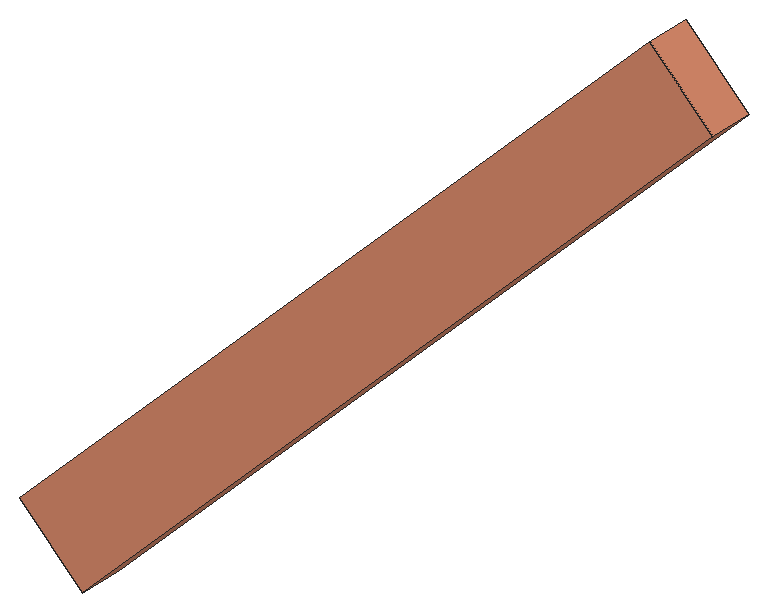
Revit family "盤サポート_溝形鋼", category Generic Models, Revit 2023
Family settings
  Can host rebar = No
  Round Connector Dimension = Use Diameter
  Part Type = Normal
  Work Plane-Based = Yes
  Always vertical = No
  Cut with Voids When Loaded = No
  Maintain Annotation Orientation = No
  Shared = No
  Room Calculation Point = No
Parameters (values of type "C 100 x 50")
  高さ = 100 mm
  長辺 [instance] = 長さ  # 1000 mm
  長さ [instance] = 1000 mm
  部屋名 = ""
  角度 [instance] = 45.00°
  Default Elevation = 1219.2 mm
  構造マテリアル = E403_盤サポート
  幅 = 50 mm
Types (10, lengths in mm): name | 高さ | 幅
  C 100 x 50 | 100 | 50
  C 125 x 65 | 125 | 65
  C 150 x 75 | 150 | 75
  C 180 x 75 | 180 | 75
  C 200 x 80 | 200 | 80
  C 200 x 90 | 200 | 90
  C 250 x 90 | 250 | 90
  C 300 x 90 | 300 | 90
  C 380 x 100 | 380 | 100
  C 75 x 40 | 75 | 40
Reference planes
  plane 1 "中心(正面/背面)": y = 0
  plane 2: z = 0
  plane 3 "中心(左/右)": x = 0
Lines and regions (mm)
  reference lines
    curve 1: line (0, 0, 0) -> (777.817, 0, 777.817)
    curve 2: line (35.355, 0, -35.355) -> (-35.355, 0, 35.355)
    curve 3: line (742.462, 0, 671.751) -> (671.751, 0, 742.462)
Dimensions and locks
  equal spacing: curve 2, curve 1, curve 2
  "高さ": curve 2 to curve 2
  equal spacing: curve 3, curve 1, curve 3
  "高さ": curve 3 to curve 3
  "長さ": curve 3 to curve 2
  "角度": angle level to curve 1
  angle curve 2 to curve 1 = 90.00°
  angle curve 3 to curve 1 = 90.00°
  aligned and locked: level to plane 2
  aligned and locked: level to curve 1
  aligned and locked: plane 3 "中心(左/右)" to curve 1
  aligned and locked: nested 1 to curve 1
Nested families
  nested 1: "溝形鋼" at (-35.355, 0, 35.355) x (0, 1, 0) z (0.7071, 0, -0.7071), 長さ <- "長さ", type "C 100 x 50"
    with 長辺 1000 mm, 長さ 1000 mm, 高さ 100 mm, 幅 50 mm
Definition of nested family "溝形鋼"
  Parameters (values of type "Ｈ 150 x 150")
    高さ = 150 mm
    長辺 [instance] = 長さ  # 500 mm
    長さ [instance] = 500 mm
    部屋名 = ""
    Default Elevation = 1219.2 mm
    構造マテリアル = none
    幅 = 150 mm
  Types (33, lengths in mm): name | 高さ | 長辺 | 長さ | 幅
    Ｈ 900 x 300 | 900 | 1000 | 1000 | 300
    Ｈ 800 x 300 | 800 | 1000 | 1000 | 300
    Ｈ 700 x 300 | 700 | 1000 | 1000 | 300
    Ｈ 588 x 300 | 588 | 1000 | 1000 | 300
    Ｈ 600 x 200 | 600 | 1000 | 1000 | 200
    Ｈ 488 x 300 | 488 | 1000 | 1000 | 300
    Ｈ 500 x 200 | 500 | 1000 | 1000 | 200
    Ｈ 440 x 300 | 440 | 1000 | 1000 | 300
    Ｈ 450 x 200 | 450 | 1000 | 1000 | 200
    Ｈ 400 x 400 | 400 | 1000 | 1000 | 400
    Ｈ 390 x 300 | 390 | 1000 | 1000 | 300
    Ｈ 400 x 200 | 400 | 1000 | 1000 | 200
    Ｈ 350 x 350 | 350 | 1000 | 1000 | 350
    Ｈ 340 x 250 | 340 | 1000 | 1000 | 250
    Ｈ 294 x 200 | 294 | 1000 | 1000 | 200
    Ｈ 244 x 175 | 244 | 1000 | 1000 | 175
    Ｈ 350 x 175 | 350 | 1000 | 1000 | 175
    Ｈ 300 x 300 | 300 | 1000 | 1000 | 300
    Ｈ 300 x 150 | 300 | 500 | 500 | 150
    Ｈ 250 x 250 | 250 | 500 | 500 | 250
    Ｈ 250 x 125 | 250 | 500 | 500 | 125
    Ｈ 200 x 200 | 200 | 500 | 500 | 200
    Ｈ 194 x 150 | 194 | 500 | 500 | 150
    Ｈ 200 x 100 | 200 | 500 | 500 | 100
    Ｈ 175 x 175 | 175 | 500 | 500 | 175
    Ｈ 175 x 90 | 175 | 500 | 500 | 90
    Ｈ 150 x 150 | 150 | 500 | 500 | 150
    Ｈ 148 x 100 | 148 | 500 | 500 | 100
    Ｈ 150 x 75 | 150 | 500 | 500 | 75
    Ｈ 125 x 125 | 125 | 500 | 500 | 125
    Ｈ 125 x 60 | 125 | 500 | 500 | 60
    Ｈ 100 x100 | 100 | 500 | 500 | 100
    Ｈ 100 x 50 | 100 | 500 | 500 | 50
  Reference planes
    plane 1 "中心(正面/背面)": y = 0
    plane 2: z = 0
    plane 3 "中心(左/右)": x = 0
    plane 4: z = 75
    plane 5: z = 150
  Forms (mm)
    Extrusion 1, solid, material <- "構造マテリアル"
      sketch origin (0, 0, 0) x (1, 0, 0) y (0, 1, 0)
        loop
          line (-75, 500) -> (-75, 0) -> (75, 0) -> (75, 500) -> (-75, 500)
      from 0 to 150
  Lines and regions (mm)
    reference lines
      curve 1: line (75, 500, 0) -> (-75, 500, 0)
      curve 2: line (75, 0, 0) -> (-75, 0, 0)
  Dimensions and locks
    "長さ": curve 1 to curve 2
    "幅": Extrusion 1 to Extrusion 1
    equal spacing: Extrusion 1, plane 3 "中心(左/右)", Extrusion 1
    "幅": curve 1 to curve 1
    equal spacing: curve 1, plane 3 "中心(左/右)", curve 1
    "幅": curve 2 to curve 2
    equal spacing: curve 2, plane 3 "中心(左/右)", curve 2
    equal spacing: plane 5, plane 4, level
    "高さ": plane 5 to level
    aligned and locked: level to plane 2
    aligned and locked: Extrusion 1 to curve 2
    aligned and locked: curve 1 to Extrusion 1
    aligned and locked: plane 5 to Extrusion 1
  Automatic sketch dimensions
    Extrusion 1 sketch curve to plane 3 "中心(左/右)" = 75 mm
    plane 3 "中心(左/右)" to Extrusion 1 sketch curve = 75 mm
    plane 1 "中心(正面/背面)" to Extrusion 1 sketch curve = 0 mm
    Extrusion 1 sketch curve to plane 1 "中心(正面/背面)" = 500 mm
    plane 1 "中心(正面/背面)" to curve 2 = 0 mm
